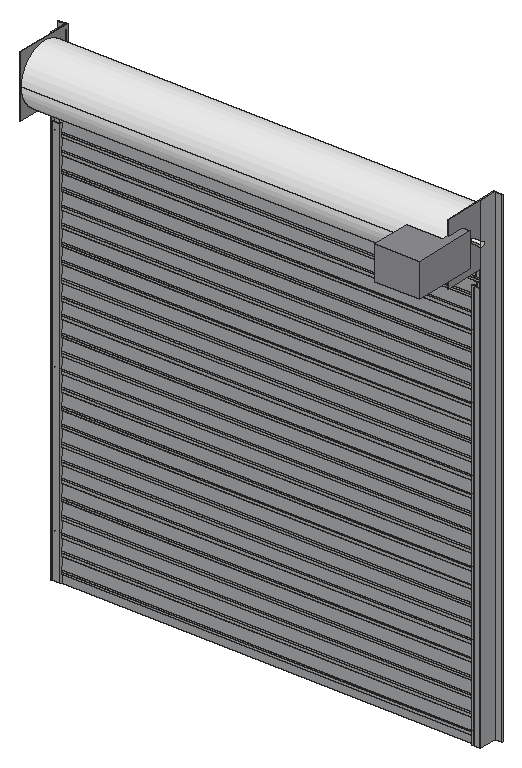
Revit family "Doors_Industrial_Overhead-Door-Corporation_Upward-Coiling-Security-Grilles-674_", category Specialty Equipment, host Wall, Revit 2019 (continued)
Definition of nested family "Motor"
  Definition of nested family "2D_NotScalableMain_29e791da-3db9-4234-ab15-44456784202b"
    Lines and regions (in)
      Masking region 6, in view "Ref. Level", visible <- "Bench Mount"
        outline origin (0, 0, 0) x (1, 0, 0) y (0, 1, 0)
          loop
            line (-7.24, 9.2698) -> (-7.1205, 9.2698) -> (-7.1205, 9.1098) -> (-4.3324, 9.1098) -> (-4.3324, 17.4298) -> (-7.1205, 17.4298) -> (-7.1205, 17.2698) -> (-7.24, 17.2698) -> (-7.24, 9.2698)
      Masking region 7, in view "Ref. Level", visible <- "Chain Hoist"
        outline origin (0, -6.98957, 0) x (1, 0, 0) y (0, 1, 0)
          loop
            line (4.7396, 6.58957) -> (7.2495, 6.58957) -> (7.2495, 3.98957) -> (7.52, 3.98957) -> (7.52, 6.58957) -> (8.82, 6.58957) -> (8.82, 7.38957) -> (7.52, 7.38957) -> (7.52, 9.98957) -> (7.2495, 9.98957) -> (7.2495, 7.38957) -> (4.7396, 7.38957) -> (4.7396, 6.58957)
      Masking region 8, in view "Ref. Level", visible <- "E-Egress"
        outline origin (0, 0, 0) x (1, 0, 0) y (0, 1, 0)
          loop
            line (-6.9985, -0.96741) -> (-5.7485, -0.96741) -> (-5.7485, -0.30491) -> (-5.5274, -0.30491) -> (-5.5274, -1.76746) -> (-5.42825, -1.86661) -> (-4.5757, -1.86661) -> (-4.5757, -3.22517) -> (-4.134, -3.22517) -> (-4.134, -5.05565) -> (-4.3324, -5.05565) -> (-4.3324, -5.3122)
            arc (-4.3324, -5.3122) -> (-4.24466, -5.55085) -> (-4.02324, -5.67585) r 0.36846
            arc (-4.02324, -5.67585) -> (0, -6.0017) -> (4.02324, -5.67585) r 25
            arc (4.02324, -5.67585) -> (4.24466, -5.55085) -> (4.3324, -5.3122) r 0.36846
            line (4.3324, -5.3122) -> (4.3324, -5.05565) -> (4.116, -5.05565) -> (4.116, -3.22517) -> (4.57, -3.22517) -> (4.57, -1.27241) -> (4.799, -1.27241) -> (4.799, -0.84111) -> (5.199, -0.84111) -> (5.199, 0.79) -> (7.2495, 0.79) -> (7.2495, -1.81) -> (7.52, -1.81) -> (7.52, 0.79) -> (8.82, 0.79) -> (8.82, 1.59) -> (7.52, 1.59) -> (7.52, 4.19) -> (7.2495, 4.19) -> (7.2495, 1.59) -> (4.57, 1.59) -> (4.57, 3.22517) -> (2.988, 3.22517) -> (2.988, 4.96193) -> (-2.988, 4.96193) -> (-2.988, 3.22517) -> (-4.5757, 3.22517) -> (-4.5757, 1.86661) -> (-5.42825, 1.86661) -> (-5.5274, 1.76746) -> (-5.5274, 0.30491) -> (-5.7485, 0.30491) -> (-5.7485, 0.96741) -> (-6.9985, 0.96741) -> (-6.9985, -0.96741)
      reference lines, in view "Ref. Level"
        curve 1: line (0, 0, 0) -> (0, 0.125, 0)
        curve 2: line (0, 0, 0) -> (0.125, 0, 0)
      detail lines, in view "Ref. Level", visible <- "Not Top + Bench"
        curve 3: line (7.2495, 4.19, 0) -> (7.2495, -1.81, 0)
        curve 4: line (7.52, 4.19, 0) -> (7.52, -1.81, 0)
        curve 5: line (-4.134, -2.29347, 0) -> (-4.134, -5.05565, 0)
        curve 6: line (4.116, -2.29347, 0) -> (4.116, -5.05565, 0)
        curve 7: line (-4.134, -2.41307, 0) -> (4.116, -2.41307, 0)
        curve 8: line (4.116, -2.29347, 0) -> (3.108, -2.29347, 0)
        curve 9: line (2.988, -2.17347, 0) -> (2.988, 4.96193, 0)
        curve 10: line (2.988, 4.96193, 0) -> (-2.988, 4.96193, 0)
        curve 11: line (-2.988, 4.96193, 0) -> (-2.988, -2.17347, 0)
        curve 12: arc (-2.988, -2.17347, 0) -> (-3.02315, -2.25832, 0) -> (-3.108, -2.29347, 0) r 0.12
        curve 13: arc (3.108, -2.29347, 0) -> (3.02315, -2.25832, 0) -> (2.988, -2.17347, 0) r 0.12
        curve 14: line (4.57, -3.22517, 0) -> (4.57, 0.77483, 0)
        curve 15: line (4.799, -1.27241, 0) -> (4.799, 0.77483, 0)
        curve 16: line (5.199, -0.84111, 0) -> (5.199, 0.77483, 0)
        curve 17: line (-4.5757, -3.22517, 0) -> (-4.5757, 3.22517, 0)
        curve 18: line (-5.42825, -1.86661, 0) -> (-5.42825, 1.86661, 0)
        curve 19: line (-5.5274, 1.76746, 0) -> (-5.5274, -1.76746, 0)
        curve 20: line (-5.7485, -0.96741, 0) -> (-5.7485, 0.96741, 0)
        curve 21: line (-4.134, -2.29347, 0) -> (-3.108, -2.29347, 0)
        curve 22: line (5.199, 0.77483, 0) -> (2.988, 0.77483, 0)
        curve 23: line (4.57, 1.59, 0) -> (2.988, 1.59, 0)
      detail lines, in view "Ref. Level", visible <- "Top + Bench"
        curve 24: line (-4.5757, -3.22517, 0) -> (-4.5757, 3.22517, 0)
        curve 25: line (-5.42825, 1.86661, 0) -> (-5.42825, -1.86661, 0)
        curve 26: line (-5.5274, 1.76746, 0) -> (-5.5274, -1.76746, 0)
        curve 27: line (-5.7485, -0.96741, 0) -> (-5.7485, 0.96741, 0)
        curve 28: line (-4.3324, 1.8898, 0) -> (-4.3324, 19.24819, 0)
        curve 29: line (-4.3324, 1.8898, 0) -> (4.3324, 1.8898, 0)
        curve 30: line (4.3324, 1.8898, 0) -> (4.3324, 19.24819, 0)
        curve 31: line (4.57, 3.22517, 0) -> (4.57, -3.22517, 0)
        curve 32: line (4.799, 1.27241, 0) -> (4.799, -1.22759, 0)
        curve 37: line (2.988, 20.0298, 0) -> (2.988, 19.24819, 0)
        curve 38: line (-2.988, 20.0298, 0) -> (-2.988, 19.24819, 0)
        curve 39: line (-3.108, 19.24819, 0) -> (-0.988, 19.24819, 0)
        curve 40: line (0.988, 19.24819, 0) -> (3.108, 19.24819, 0)
      detail lines, in view "Ref. Level", visible <- "Chain Hoist"
        curve 33: line (7.2495, 3, 0) -> (7.2495, -3, 0)
        curve 34: line (7.52, -3, 0) -> (7.52, 3, 0)
      detail lines, in view "Ref. Level", visible <- "Bench Mount"
        curve 35: line (-7.1205, 17.4298, 0) -> (-7.1205, 9.1098, 0)
        curve 36: line (-6.9985, 17.4298, 0) -> (-6.9985, 9.1098, 0)
      detail lines, in view "Ref. Level", visible <- "E-Egress"
        curve 41: line (7.2495, 4.19, 0) -> (7.2495, -1.81, 0)
        curve 42: line (7.52, 4.19, 0) -> (7.52, -1.81, 0)
        curve 43: line (-4.134, -2.29347, 0) -> (-4.134, -5.05565, 0)
        curve 44: line (4.116, -2.29347, 0) -> (4.116, -5.05565, 0)
        curve 45: line (-4.134, -2.41307, 0) -> (4.116, -2.41307, 0)
        curve 46: line (4.116, -2.29347, 0) -> (3.108, -2.29347, 0)
        curve 47: line (2.988, -2.17347, 0) -> (2.988, 4.96193, 0)
        curve 48: line (2.988, 4.96193, 0) -> (-2.988, 4.96193, 0)
        curve 49: line (-2.988, 4.96193, 0) -> (-2.988, -2.17347, 0)
        curve 50: arc (-2.988, -2.17347, 0) -> (-3.02315, -2.25832, 0) -> (-3.108, -2.29347, 0) r 0.12
        curve 51: arc (3.108, -2.29347, 0) -> (3.02315, -2.25832, 0) -> (2.988, -2.17347, 0) r 0.12
        curve 52: line (4.57, -3.22517, 0) -> (4.57, 0.77483, 0)
        curve 53: line (4.799, -1.27241, 0) -> (4.799, 0.77483, 0)
        curve 54: line (5.199, -0.84111, 0) -> (5.199, 0.77483, 0)
        curve 55: line (-4.5757, -3.22517, 0) -> (-4.5757, 3.22517, 0)
        curve 56: line (-5.42825, -1.86661, 0) -> (-5.42825, 1.86661, 0)
        curve 57: line (-5.5274, 1.76746, 0) -> (-5.5274, -1.76746, 0)
        curve 58: line (-5.7485, -0.96741, 0) -> (-5.7485, 0.96741, 0)
        curve 59: line (-4.134, -2.29347, 0) -> (-3.108, -2.29347, 0)
        curve 60: line (5.199, 0.77483, 0) -> (2.988, 0.77483, 0)
        curve 61: line (4.57, 1.59, 0) -> (2.988, 1.59, 0)
    Dimensions and locks (in)
      curve 1 to curve 1 = 1/8"
      curve 2 to curve 2 = 1/8"
      aligned and locked: plane 1 "Center (Front/Back)" to curve 1
      aligned and locked: plane 3 "Center (Left/Right)" to curve 1
      aligned and locked: plane 1 "Center (Front/Back)" to curve 2
Definition of nested family "626"
  Parameters (values of type "Vision lites 1”x10” - Gray")
    Void Width = 1"  # constant formula
    Void Offset [instance] = 3/8"
    Void Height [instance] = 3.544"  # constant formula
    Slat Width [instance] = 0.438"  # constant formula
    Slat Position + Offset [instance] = Slat Position + Cutout Vertical Offset  # 16.658"
    Slat Position [instance] = 4.762" * 3  # 14.286"
    Slat Option [instance] = 3
    Rough Height = 0"
    Perforation = yes
    Cutout Width Offset [instance] = 1"  # constant formula
    Cutout Width = 0.094"  # constant formula
    Cutout Thickness [instance] = 3/4"  # constant formula
    Cutout Material 1 = none
    Cutout Horizontal Offset [instance] = 1"  # constant formula
    Panel Material = none
    Opening Width [instance] = 128"
    Cutout Vertical Offset [instance] = 2.372"  # constant formula
    Default Elevation = 48"
    Analytic Construction = "<None>"
  Reference planes (in)
    plane 1 "Center (Front/Back)": y = 0
    plane 2: z = 0
    plane 3 "Center (Left/Right)": x = 0
    plane 4: x = -64
    plane 5: x = 64
    plane 6: y = 0.438
    plane 7: y = 0.219
    plane 8: y = 0.08988
    plane 9: x = -63
    plane 10: x = 63
  Forms (in)
    Extrusion 1, void
      sketch origin (0, 0, 0) x (0, 1, 0) y (0, 0, 1)
        loop
          line (-0.41012, 4.144) -> (-0.41012, 0.6) -> (0.58988, 0.6) -> (0.58988, 4.144) -> (-0.41012, 4.144)
        loop
          line (-0.41012, 8.906) -> (-0.41012, 5.362) -> (0.58988, 5.362) -> (0.58988, 8.906) -> (-0.41012, 8.906)
        loop
          line (-0.41012, 13.668) -> (-0.41012, 10.124) -> (0.58988, 10.124) -> (0.58988, 13.668) -> (-0.41012, 13.668)
      from -63 to 63
    Extrusion 2, solid, material <- "Panel Material"
      sketch origin (0, -4.90531, 12.78) x (0, 1, 0) y (0, 0, 1)
        loop
          line (5.34274, -12.79582) -> (5.3608, -12.54647) -> (5.2692, -12.26013)
          arc (5.2692, -12.26013) -> (5.25294, -12.24443) -> (5.23087, -12.24936) r 0.02386
          line (5.23087, -12.24936) -> (5.02449, -12.42787) -> (5.32975, -8.21273) -> (5.236, -8.20594)
          arc (5.236, -8.20594) -> (5.31056, -8.13277) -> (5.34274, -8.03338) r 0.219
          line (5.34274, -8.03338) -> (5.3608, -7.78403) -> (5.2692, -7.49769)
          arc (5.2692, -7.49769) -> (5.25294, -7.48199) -> (5.23087, -7.48692) r 0.02386
          line (5.23087, -7.48692) -> (5.02449, -7.66543) -> (5.32975, -3.45029) -> (5.236, -3.4435)
          arc (5.236, -3.4435) -> (5.31056, -3.37033) -> (5.34274, -3.27094) r 0.219
          line (5.34274, -3.27094) -> (5.3608, -3.02159) -> (5.2692, -2.73525)
          arc (5.2692, -2.73525) -> (5.25294, -2.71955) -> (5.23087, -2.72448) r 0.02386
          line (5.23087, -2.72448) -> (5.02449, -2.90299) -> (5.32975, 1.31215) -> (5.236, 1.31894) -> (4.92394, -2.98995) -> (4.8758, -3.65469) -> (5.17474, -3.80795)
          arc (5.17474, -3.80795) -> (5.1984, -3.80749) -> (5.21108, -3.78751) r 0.025
          line (5.21108, -3.78751) -> (4.92394, -7.75239) -> (4.8758, -8.41713) -> (5.17474, -8.57039)
          arc (5.17474, -8.57039) -> (5.1984, -8.56993) -> (5.21108, -8.54995) r 0.025
          line (5.21108, -8.54995) -> (4.92394, -12.51483) -> (4.8758, -13.17957) -> (5.17474, -13.33283)
          arc (5.17474, -13.33283) -> (5.1984, -13.33237) -> (5.21108, -13.31239) r 0.025
          line (5.21108, -13.31239) -> (5.236, -12.96838)
          arc (5.236, -12.96838) -> (5.31056, -12.89521) -> (5.34274, -12.79582) r 0.219
      from -64 to 64
  Cuts and joins
    Extrusion 1 cuts Extrusion 2
  Lines and regions (in)
    reference lines
      curve 1: line (0, -2.86663, 16.658) -> (0, 7.54137, 16.658)
      curve 2: line (0, -2.86663, 11.896) -> (0, 7.54137, 11.896)
      curve 3: line (0, -2.86663, 2.372) -> (0, 7.54137, 2.372)
      curve 4: line (0, -2.86663, 7.134) -> (0, 7.54137, 7.134)
  Dimensions and locks (in)
    equal spacing: plane 4, plane 3 "Center (Left/Right)", plane 5
    "Opening Width": plane 4 to plane 5
    "Slat Width": plane 1 "Center (Front/Back)" to plane 6
    equal spacing: plane 1 "Center (Front/Back)", plane 7, plane 6
    "Cutout Width Offset": plane 4 to plane 9
    "Cutout Width Offset": plane 5 to plane 10
    "Void Height": Extrusion 1 sketch curve to Extrusion 1 sketch curve  (x3)
    "Slat Position": curve 3 to curve 1
    equal spacing: Extrusion 1 sketch curve, curve 3, Extrusion 1 sketch curve
    equal spacing: Extrusion 1 sketch curve, curve 2, Extrusion 1 sketch curve
    equal spacing: curve 3, curve 4, curve 2, curve 1
    equal spacing: Extrusion 1 sketch curve, curve 4, Extrusion 1 sketch curve
    "Cutout Vertical Offset": curve 3 to plane 2
    "Void Width": Extrusion 1 sketch curve to Extrusion 1 sketch curve
    equal spacing: Extrusion 1 sketch curve, plane 8, Extrusion 1 sketch curve
    locked: plane 1 "Center (Front/Back)" to plane 8 at 0.08988
    aligned and locked: plane 2 to level
    aligned and locked: plane 8 to nested 1
    aligned and locked: plane 3 "Center (Left/Right)" to nested 1
    aligned and locked: Extrusion 1 sketch curve to Extrusion 1 sketch curve  (x4)
    aligned and locked: plane 9 to Extrusion 1
    aligned and locked: plane 10 to Extrusion 1
    aligned and locked: plane 3 "Center (Left/Right)" to nested 2
    aligned and locked: plane 3 "Center (Left/Right)" to nested 3
    aligned and locked: plane 8 to nested 2
    aligned and locked: plane 8 to nested 3
    aligned and locked: plane 5 to Extrusion 2
    aligned and locked: plane 4 to Extrusion 2
  Automatic sketch dimensions
    plane 1 "Center (Front/Back)" to curve 4 = 2.86663"
    curve 2 to curve 4 = 0"
    curve 3 to curve 4 = 0"
    curve 1 to plane 6 = 7.10337"
    curve 2 to plane 6 = 7.10337"
    curve 3 to curve 2 = 0"
    curve 4 to curve 2 = 0"
    Extrusion 2 sketch curve to Extrusion 2 sketch curve = 0"  (x6)
    Extrusion 2 sketch curve to Extrusion 2 sketch curve = 0.04814"  (x3)
    Extrusion 2 sketch curve to Extrusion 2 sketch curve = 0.10054"  (x3)
    Extrusion 2 sketch curve to Extrusion 2 sketch curve = 0.20037"  (x3)
    Extrusion 2 sketch curve to Extrusion 2 sketch curve = 0.29894"  (x3)
    Extrusion 2 sketch curve to Extrusion 2 sketch curve = 0.01141"  (x3)
    Extrusion 2 sketch curve to Extrusion 2 sketch curve = 0.02493"  (x3)
    Extrusion 2 sketch curve to Extrusion 2 sketch curve = 0.20639"  (x3)
    Extrusion 2 sketch curve to Extrusion 2 sketch curve = 0.11168"  (x3)
    Extrusion 2 sketch curve to Extrusion 2 sketch curve = 1/64"  (x3)
    Extrusion 2 sketch curve to Extrusion 2 sketch curve = 0.02272"  (x3)
    Extrusion 2 sketch curve to Extrusion 2 sketch curve = 3/32"  (x3)
    Extrusion 2 sketch curve to Extrusion 2 sketch curve = 0.01299"  (x2)
    Extrusion 2 sketch curve to Extrusion 2 sketch curve = 0.10674"
    Extrusion 2 sketch curve to Extrusion 2 sketch curve = 0.01806"  (x2)
    Extrusion 2 sketch curve to Extrusion 2 sketch curve = 0.17256"
    Extrusion 2 sketch curve to Extrusion 2 sketch curve = 0.00679"  (x2)
    Extrusion 2 sketch curve to Extrusion 2 sketch curve = 0.21119"  (x3)
    Extrusion 2 sketch curve to Extrusion 2 sketch curve = 0.13101"  (x2)
    Extrusion 2 sketch curve to Extrusion 2 sketch curve = 0.17851"  (x2)
    Extrusion 2 sketch curve to Extrusion 2 sketch curve = 0.08696"  (x3)
    Extrusion 2 sketch curve to Extrusion 2 sketch curve = 0.23353"  (x3)
    Extrusion 2 sketch curve to Extrusion 2 sketch curve = 0.01582"  (x2)
    Extrusion 2 sketch curve to Extrusion 2 sketch curve = 0.00512"
    plane 1 "Center (Front/Back)" to curve 1 = 2.86663"
    Extrusion 2 sketch curve to level = 0"
    Extrusion 2 sketch curve to plane 7 = 0"
    Extrusion 2 sketch curve to plane 6 = 0.01749"
    Extrusion 2 sketch curve to Extrusion 2 sketch curve = 0.26517"
  Nested families (in)
    nested 1: "Perforation" at (0, 0.08988, 2.372), type "Perforation"
      with Thickness 0.094"
    nested 2: "Perforation" at (0, 0.08988, 7.134), type "Perforation"
      with Thickness 0.094"
    nested 3: "Perforation" at (0, 0.08988, 11.896), type "Perforation"
      with Thickness 0.094"
  Definition of nested family "Perforation"
    Parameters (values of type "Perforation")
      Thickness = 0.438"
      Perforation = none
      Opening Width = 128"
      Offset = 1"
      Height = 3.544"
      Default Elevation = 48"
    Reference planes (in)
      plane 1 "Center (Front/Back)": y = 0
      plane 2: z = 0
      plane 3 "Center (Left/Right)": x = 0
      plane 4: z = 1.772
      plane 5: z = -1.772
      plane 6: y = -0.219
      plane 7: y = 0.219
      plane 8: x = -64
      plane 9: x = 64
      plane 10: x = -63
      plane 11: x = 63
    Forms (in)
      Extrusion 1, solid, material <- "Perforation"
        sketch origin (0, -0.19, 0) x (0, 1, 0) y (0, 0, 1)
          loop
            line (0.22766, 1.772) -> (-0.029, -1.772) -> (0.41015, -1.772) -> (0.66681, 1.772) -> (0.22766, 1.772)
        from -63 to 63
    Dimensions and locks (in)
      equal spacing: plane 4, level, plane 5
      "Height": plane 4 to plane 5
      equal spacing: plane 6, plane 1 "Center (Front/Back)", plane 7
      "Thickness": plane 6 to plane 7
      "Opening Width": plane 8 to plane 9
      "Offset": plane 8 to plane 10
      "Offset": plane 9 to plane 11
      equal spacing: plane 8, plane 3 "Center (Left/Right)", plane 9
      "Thickness": Extrusion 1 sketch curve to Extrusion 1 sketch curve
      locked: plane 5 to Extrusion 1 sketch curve (angle 85.8578°)  (x2)
      aligned and locked: plane 2 to level
      aligned and locked: plane 4 to Extrusion 1
      aligned and locked: Extrusion 1 to plane 10
      aligned and locked: plane 11 to Extrusion 1
      aligned and locked: Extrusion 1 sketch curve to plane 5
      aligned and locked: Extrusion 1 sketch curve to plane 4
      aligned and locked: plane 6 to Extrusion 1 sketch curve
Definition of nested family "Label Annotation 1"
  Parameters (values of type "Label Annotation 1-8")
    Label = "Area is too big. Please reduce Door Size."
  Reference planes (in)
    plane 1: y = 0
    plane 2: x = 0
  Text (in)
    label "Label" at (0.00375, -0.00345, 0), shows "Label"
Definition of nested family "Warning Sign"
  Parameters (values of type "Warning Sign")
    Warning Sign [instance] = no
    Default Elevation = 48"
  Reference planes (in)
    plane 1 "Center (Front/Back)": y = 0
    plane 2: z = 0
    plane 3 "Center (Left/Right)": x = 0
    plane 4: y = 0.5
    plane 5: y = -0.5
    plane 6: y = 1
    plane 7: y = 0.25
  Lines and regions (in)
    model lines
      curve 1: line (-2.26129, 1, 45.69444) -> (-26.3817, 1, 3.91667)
      curve 2: line (-25.25106, 1, 3.26389) -> (-1.13064, 1, 45.04167)
      curve 3: arc (2.26129, 1, 45.69444) -> (0, 1, 47) -> (-2.26129, 1, 45.69444) r 2.61111
      curve 4: arc (-1.13064, 1, 45.04167) -> (0, 1, 45.69444) -> (1.13064, 1, 45.04167) r 1.30556
      curve 5: line (1.13064, 1, 45.04167) -> (25.25106, 1, 3.26389)
      curve 6: line (26.3817, 1, 3.91667) -> (2.26129, 1, 45.69444)
      curve 7: arc (25.25106, 1, 3.26389) -> (25.25106, 1, 1.95833) -> (24.12041, 1, 1.30556) r 1.30556
      curve 8: arc (24.12041, 1, 0) -> (26.3817, 1, 1.30556) -> (26.3817, 1, 3.91667) r 2.61111
      curve 9: line (24.12041, 1, 1.30556) -> (-24.12041, 1, 1.30556)
      curve 10: line (-24.12041, 1, 0) -> (24.12041, 1, 0)
      curve 11: arc (-24.12041, 1, 1.30556) -> (-25.25106, 1, 1.95833) -> (-25.25106, 1, 3.26389) r 1.30556
      curve 12: arc (-26.3817, 1, 3.91667) -> (-26.3817, 1, 1.30556) -> (-24.12041, 1, 0) r 2.61111
      curve 13: arc (-2.29479, 1, 8.63537) -> (0, 1, 6.34057) -> (2.29479, 1, 8.63537) r 2.29479
      curve 14: arc (2.29479, 1, 8.63537) -> (0, 1, 10.93016) -> (-2.29479, 1, 8.63537) r 2.29479
      curve 15: arc (-1.6331, 1, 13.97069) -> (0.03439, 1, 12.53727) -> (1.69278, 1, 13.98121) r 1.68043
      curve 16: line (-3.77413, 1, 28.37873) -> (-1.6331, 1, 13.97069)
      curve 17: line (1.69278, 1, 13.98121) -> (3.73924, 1, 28.37873)
      curve 18: arc (3.73924, 1, 28.37873) -> (-0.01745, 1, 32.13541) -> (-3.77413, 1, 28.37873) r 3.75668
      curve 19: line (-2.26129, -0.5, 45.69444) -> (-26.3817, -0.5, 3.91667)
      curve 20: line (-25.25106, -0.5, 3.26389) -> (-1.13064, -0.5, 45.04167)
      curve 21: arc (2.26129, -0.5, 45.69444) -> (0, -0.5, 47) -> (-2.26129, -0.5, 45.69444) r 2.61111
      curve 22: arc (-1.13064, -0.5, 45.04167) -> (0, -0.5, 45.69444) -> (1.13064, -0.5, 45.04167) r 1.30556
      curve 23: line (1.13064, -0.5, 45.04167) -> (25.25106, -0.5, 3.26389)
      curve 24: line (26.3817, -0.5, 3.91667) -> (2.26129, -0.5, 45.69444)
      curve 25: arc (25.25106, -0.5, 3.26389) -> (25.25106, -0.5, 1.95833) -> (24.12041, -0.5, 1.30556) r 1.30556
      curve 26: arc (24.12041, -0.5, 0) -> (26.3817, -0.5, 1.30556) -> (26.3817, -0.5, 3.91667) r 2.61111
      curve 27: line (24.12041, -0.5, 1.30556) -> (-24.12041, -0.5, 1.30556)
      curve 28: line (-24.12041, -0.5, 0) -> (24.12041, -0.5, 0)
      curve 29: arc (-24.12041, -0.5, 1.30556) -> (-25.25106, -0.5, 1.95833) -> (-25.25106, -0.5, 3.26389) r 1.30556
      curve 30: arc (-26.3817, -0.5, 3.91667) -> (-26.3817, -0.5, 1.30556) -> (-24.12041, -0.5, 0) r 2.61111
      curve 31: arc (-2.29479, -0.5, 8.63537) -> (0, -0.5, 6.34057) -> (2.29479, -0.5, 8.63537) r 2.29479
      curve 32: arc (2.29479, -0.5, 8.63537) -> (0, -0.5, 10.93016) -> (-2.29479, -0.5, 8.63537) r 2.29479
      curve 33: arc (-1.6331, -0.5, 13.97069) -> (0.03439, -0.5, 12.53727) -> (1.69278, -0.5, 13.98121) r 1.68043
      curve 34: line (-3.77413, -0.5, 28.37873) -> (-1.6331, -0.5, 13.97069)
      curve 35: line (1.69278, -0.5, 13.98121) -> (3.73924, -0.5, 28.37873)
      curve 36: arc (3.73924, -0.5, 28.37873) -> (-0.01745, -0.5, 32.13541) -> (-3.77413, -0.5, 28.37873) r 3.75668
  Dimensions and locks (in)
    locked: plane 1 "Center (Front/Back)" to plane 4 at 0.5
    equal spacing: plane 1 "Center (Front/Back)", plane 7, plane 4
    locked: plane 4 to plane 6 at 0.5
    locked: plane 5 to plane 1 "Center (Front/Back)" at 0.5
    aligned and locked: plane 2 to level
  Automatic sketch dimensions
    curve 21 to curve 22 = 0"  (x2)
    curve 25 to curve 26 = 0"  (x2)
    curve 29 to curve 30 = 0"  (x2)
    curve 31 to curve 32 = 0"  (x2)
    curve 21 to plane 3 "Center (Left/Right)" = 0"
    curve 31 to plane 3 "Center (Left/Right)" = 0"
    curve 30 to level = 0"
    level to curve 27 = 1.30556"
    curve 26 to curve 27 = 1.30556"
    curve 29 to curve 27 = 1.30556"
    curve 23 to curve 25 = 0.65278"
    curve 20 to curve 29 = 0.65278"
    curve 24 to curve 23 = 0.65278"
    curve 19 to curve 20 = 0.65278"
    level to curve 32 = 8.63537"
    curve 34 to plane 3 "Center (Left/Right)" = 1.6331"
    curve 34 to curve 31 = 5.33532"
    plane 3 "Center (Left/Right)" to curve 35 = 1.69278"
    curve 35 to curve 34 = 0.01052"
    plane 3 "Center (Left/Right)" to curve 33 = 0.02908"
    curve 36 to plane 3 "Center (Left/Right)" = 0.01745"
    curve 36 to curve 33 = 14.16104"
    curve 22 to curve 36 = 16.01016"
    plane 3 "Center (Left/Right)" to curve 23 = 1.13064"
    curve 23 to curve 21 = 0.65278"
    curve 20 to plane 3 "Center (Left/Right)" = 1.13064"
    plane 3 "Center (Left/Right)" to curve 24 = 2.26129"
    curve 24 to curve 22 = 0.65278"
    curve 19 to plane 3 "Center (Left/Right)" = 2.26129"
    curve 34 to curve 36 = 3.75668"
    curve 30 to plane 3 "Center (Left/Right)" = 24.12041"
    plane 3 "Center (Left/Right)" to curve 25 = 24.12041"
    curve 31 to curve 31 = 2.29479"
    curve 3 to curve 4 = 0"  (x2)
    curve 7 to curve 8 = 0"  (x2)
    curve 11 to curve 12 = 0"  (x2)
    curve 13 to curve 14 = 0"  (x2)
    curve 3 to plane 3 "Center (Left/Right)" = 0"
    curve 13 to plane 3 "Center (Left/Right)" = 0"
    curve 12 to level = 0"
    level to curve 9 = 1.30556"
    curve 8 to curve 9 = 1.30556"
    curve 11 to curve 9 = 1.30556"
    curve 5 to curve 7 = 0.65278"
    curve 2 to curve 11 = 0.65278"
    curve 6 to curve 5 = 0.65278"
    curve 1 to curve 2 = 0.65278"
    level to curve 14 = 8.63537"
    curve 16 to plane 3 "Center (Left/Right)" = 1.6331"
    curve 16 to curve 13 = 5.33532"
    plane 3 "Center (Left/Right)" to curve 17 = 1.69278"
    curve 17 to curve 16 = 0.01052"
    plane 3 "Center (Left/Right)" to curve 15 = 0.02908"
    curve 18 to plane 3 "Center (Left/Right)" = 0.01745"
    curve 18 to curve 15 = 14.16104"
    curve 4 to curve 18 = 16.01016"
    plane 3 "Center (Left/Right)" to curve 5 = 1.13064"
    curve 5 to curve 3 = 0.65278"
    curve 2 to plane 3 "Center (Left/Right)" = 1.13064"
    plane 3 "Center (Left/Right)" to curve 6 = 2.26129"
    curve 6 to curve 4 = 0.65278"
    curve 1 to plane 3 "Center (Left/Right)" = 2.26129"
    curve 16 to curve 18 = 3.75668"
    curve 12 to plane 3 "Center (Left/Right)" = 24.12041"
    plane 3 "Center (Left/Right)" to curve 7 = 24.12041"
    curve 13 to curve 13 = 2.29479"
Types (9): name | Voltage | Operator Visibility | Number of Poles | Hood Offset | Headroom Height Real | Headroom Height | Frequency | Door Height True | Door Height (Real) | Floor To (CL) of Shaft | Chain Hoist or Manual | Current | Calculated Area | Apparent Load Phase 3 | Apparent Load Phase 2 | Apparent Load Phase 1
  115 volts, one phase, 60 Hz (110-120V range) | 115 V | yes | 1 | 5" | 23" | 23" | 60 Hz | 143" | 125" | 134" | no | 20 A | 104.601 SF | 0 VA | 0 VA | 2300 VA
  Chain Hoist | 0 V | yes | 1 | 3" | 21" | 21" | 0 Hz | 141" | 123" | 132" | yes | 0 A | 102.927 SF | 0 VA | 0 VA | 0 VA
  Manual push-up | 0 V | no | 1 | 3" | 21" | 21" | 0 Hz | 141" | 123" | 132" | yes | 0 A | 102.927 SF | 0 VA | 0 VA | 0 VA
  230 volts, three phase, 60 Hz (208-245V range) | 230 V | yes | 3 | 5" | 23" | 23" | 60 Hz | 143" | 125" | 134" | no | 20 A | 104.601 SF | 2655.81 VA | 2655.81 VA | 2655.81 VA
  230 volts, single phase, 60 Hz (208-245V range) | 230 V | yes | 1 | 5" | 23" | 23" | 60 Hz | 143" | 125" | 134" | no | 20 A | 104.601 SF | 0 VA | 0 VA | 4600 VA
  460 volts, three phase, 60 Hz (456-495V range) | 460 V | yes | 3 | 5" | 23" | 23" | 60 Hz | 143" | 125" | 134" | no | 20 A | 104.601 SF | 5311.62 VA | 5311.62 VA | 5311.62 VA
  208 volts, one phase, 60 Hz (190-207V range) | 208 V | yes | 1 | 5" | 23" | 23" | 60 Hz | 143" | 125" | 134" | no | 20 A | 104.601 SF | 0 VA | 0 VA | 4160 VA
  208 volts, three phase, 60 Hz (190-207V range) | 208 V | yes | 3 | 5" | 23" | 23" | 60 Hz | 143" | 125" | 134" | no | 20 A | 104.601 SF | 2401.78 VA | 2401.78 VA | 2401.78 VA
  575 volts, three phase, 60 Hz | 575 V | yes | 3 | 5" | 23" | 23" | 60 Hz | 143" | 125" | 134" | no | 20 A | 104.601 SF | 6639.53 VA | 6639.53 VA | 6639.53 VA
